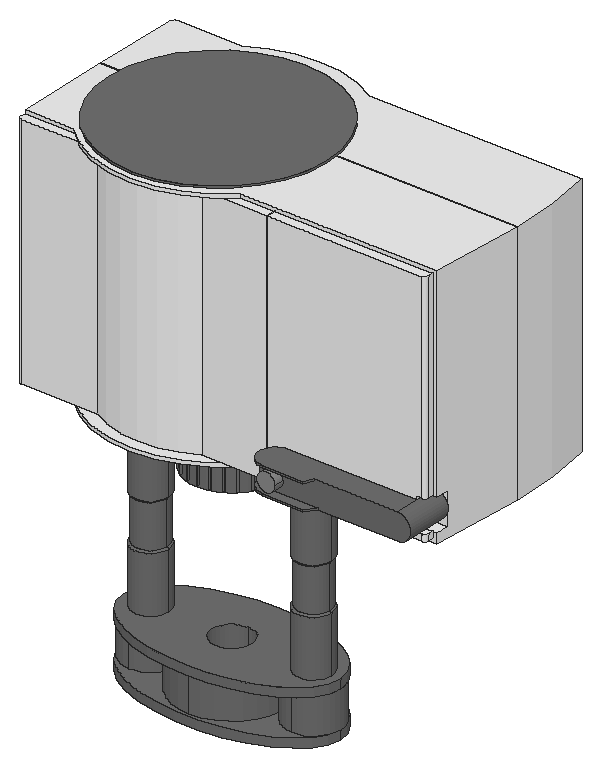
Revit family "E_Actuator_F_MEPcontent_Oventrop_Aktor M ST 2P 3P L Square Law", category Electrical Fixtures, host Face, Revit 2015
Parameters (values of type "8030")
  Watermarked By = "www.stabiplan.com"
  Width = 135.5 mm
  Wholesaler Art. No. = ""
  Wholesaler = ""
  White = Color RGB 245-245-245
  Storage Temperature = "-10 °C up to +55 °C"  # constant formula
  Protection = "IP 66 according to EN 60529"
  Power Consumption = "10 W"
  Power [instance] = 0 VA
  URL = "www.stabiplan.com"
  Stabu Code = ""
  Revit Version = "2015"  # constant formula
  Product Line = "Oventrop"
  Voltage = 24 V
  Operating Power = "2500 N"
  Number Of Spring Returns = ""
  Model = "8030"
  Max. Piston Stroke = "40 mm"  # constant formula
  Max. Fluid Temperature = "120 °C"
  Manufacturer URL = "http://www.oventrop.com//en/products/hbtd/db_1158010_en.pdf"
  Manufacturer Art. No. = "1158030"
  Manufacturer = "Oventrop"  # constant formula
  MEPcontent Class = "ACTUATOR"  # constant formula
  IFCExportType = "ELECTRICACTUATOR"  # constant formula
  IFCExportAs = "IfcActuatorType"  # constant formula
  Floating Time = "2 / 4 / 6 s / mm"  # constant formula
  Drive = "0–10 V or 4–20 mA"  # constant formula
  Black = Color RGB 060-060-060
  Length = 230.0 mm
  Internal Art. No. = ""
  Height = 289.0 mm
  Grey = Color RGB 100-100-100
  GTIN = "4026755370805"
  Function Code [instance] = ""
  Family Version = "10.14"  # constant formula
  ETIM Article Class = "EC011290"
  EMCS Version = "2.0"  # constant formula
  Description = "Electromotive actuator \"Aktor M\" \"ST/2P/3P L\", 24 V, with adapter"
  Default Elevation = 1219.2 mm
  Custom = no
  Copyright = "© Stabiplan International BV"  # constant formula
  Content Supplier URL = "www.mepcontent.eu"
  CB-NL Class = ""
  Article Type = "8030"
  Article Description = "Electromotive actuator \"Aktor M\" \"ST/2P/3P L\", 24 V, with adapter"
  Ambient Temperature = "-10 °C up to +55 °C"  # constant formula
Types (3, lengths in mm): name | Power Consumption | Operating Power | Number Of Spring Returns | Model | Max. Fluid Temperature | Manufacturer Art. No. | GTIN | Description | Article Type | Article Description
  8030 | "10 W" | "2500 N" | "" | "8030" | "120 °C" | "1158030" | "4026755370805" | "Electromotive actuator \"Aktor M\" \"ST/2P/3P L\", 24 V, with adapter" | "8030" | "Electromotive actuator \"Aktor M\" \"ST/2P/3P L\", 24 V, with adapter"
  8031 | "7.5 W" | "2000 N" | "> 4000" | "8031" | "max. 120 °C" | "1158031" | "4026755370812" | "Electromotive actuator \"Aktor M\" \"ST/2P/3P L\", 24 V, opening with current off" | "8031" | "Electromotive actuator \"Aktor M\" \"ST/2P/3P L\", 24 V, opening with current off"
  8032 | "7.5 W" | "2000 N" | "> 4000" | "8032" | "max. 120 °C" | "1158032" | "4026755399202" | "Electromotive actuator \"Aktor M\" \"ST/2P/3P L\", 24 V, closing with current off" | "8032" | "Electromotive actuator \"Aktor M\" \"ST/2P/3P L\", 24 V, closing with current off"
Reference planes
  plane 1 "Center (Front/Back)": y = 0
  plane 2: z = 0
  plane 3 "Center (Left/Right)": x = 0
  plane 4: y = 60
  plane 5: y = -52
  plane 6: x = -72.5
  plane 7: x = 157.5
  plane 8: z = 84.57
  plane 9: z = 220.57
  plane 10: z = -68.43
  plane 11: x = -45
  plane 12: x = 45
  plane 13: z = -38.43
  plane 14: z = -63.43
  plane 15: z = -43.43
  plane 16: y = -23.504
  plane 17: x = 65
  plane 18: y = -7.414
  plane 19: y = -7.4
  plane 20: y = -75.5
  plane 21: z = 219.57
  plane 22: y = -7.4
  plane 23: y = -57
  plane 24: z = 217.57
  plane 25: z = 101.57
  plane 26: y = -7.4
  plane 27: y = -7.4
  plane 28: y = -7.4
  plane 29: x = 158.875
  plane 30: z = 106.31
  plane 31: z = 91.57
  plane 32: z = 92.57
  plane 33: x = 158.875
  plane 34: z = 105.31
  plane 35: y = -65.392
  plane 36: x = 77.4
  plane 37: x = 147.859
  plane 38: z = 98.94
  plane 39: y = -68.56
  plane 40: z = 64.729
  plane 41: z = 45.729
  plane 42: z = 46.729
  plane 43: z = 65.729
  plane 44: x = -71.5
  plane 45: y = -45
  plane 46: z = 86.57
  plane 47: z = -53.43
Forms (mm)
  Extrusion 1, solid, material "Color RGB 245-245-245" <- "White", detail levels fine
    sketch origin (0, 1200, -53.43) x (0, 1, 0) y (-1, 0, 0)
      loop
        arc (-1150, 69.5) -> (-1150.879, 71.621) -> (-1153, 72.5) r 3
        line (-1153, 72.5) -> (-1200, 72.5) -> (-1200, -157.5)
        arc (-1200, -157.5) -> (-1174.841, -156.979) -> (-1150, -152.962) r 180.379
        line (-1150, -152.962) -> (-1150, -35.331)
        arc (-1150, -35.331) -> (-1140, 0) -> (-1150, 35.331) r 67.414
        line (-1150, 35.331) -> (-1150, 69.5)
    from 138 to 273
  Extrusion 2, solid, material "Color RGB 245-245-245" <- "White", detail levels fine
    sketch origin (0, 1200, -53.43) x (0, 1, 0) y (-1, 0, 0)
      loop
        line (-1200, 72.5) -> (-1252, 72.5) -> (-1252, 45.636) -> (-1252, -154.364)
        arc (-1252, -154.364) -> (-1226.065, -157.009) -> (-1200, -157.5) r 315.007
        line (-1200, -157.5) -> (-1200, 72.5)
    from 138 to 273
  Revolve 3, solid, material "Color RGB 060-060-060" <- "Black", detail levels fine
    sketch origin (0, 0, 0) x (1, 0, 0) y (0, 0, 1)
      loop
        line (-45, 84.57) -> (-57.9, 84.57) -> (-57.9, 78.12) -> (-55, 78.12) -> (-55, 18.122) -> (-53.982, 17.104) -> (-53.982, -6.63) -> (-55, -7.649) -> (-55, -38.43) -> (-45, -38.43) -> (-45, 84.57)
      axis (-45, 84.57) -> (-45, -38.43)
    angle from 0 to 360
  Extrusion 4, solid, material "Color RGB 060-060-060" <- "Black", detail levels fine
    sketch origin (0, 1200, -53.43) x (0, 1, 0) y (-1, 0, 0)
      loop
        spline (-1200, -60) -> (-1191.718, -57.956) -> (-1184, -51.962) -> (-1177.373, -42.426) -> (-1172.287, -30) -> (-1169.09, -15.529) -> (-1168, 0) -> (-1169.09, 15.529) -> (-1172.287, 30) -> (-1177.373, 42.426) -> (-1184, 51.962) -> (-1191.718, 57.956) -> (-1200, 60)
        spline (-1200, 60) -> (-1208.282, 57.956) -> (-1216, 51.962) -> (-1222.627, 42.426) -> (-1227.713, 30) -> (-1230.91, 15.529) -> (-1232, 0) -> (-1230.91, -15.529) -> (-1227.713, -30) -> (-1222.627, -42.426) -> (-1216, -51.962) -> (-1208.282, -57.956) -> (-1200, -60)
    from -10 to -15
  Extrusion 5, solid, material "Color RGB 060-060-060" <- "Black", detail levels fine
    sketch origin (0, 1200, -53.43) x (0, 1, 0) y (-1, 0, 0)
      loop
        spline (-1200, -60) -> (-1191.718, -57.956) -> (-1184, -51.962) -> (-1177.373, -42.426) -> (-1172.287, -30) -> (-1169.09, -15.529) -> (-1168, 0) -> (-1169.09, 15.529) -> (-1172.287, 30) -> (-1177.373, 42.426) -> (-1184, 51.962) -> (-1191.718, 57.956) -> (-1200, 60)
        spline (-1200, 60) -> (-1208.282, 57.956) -> (-1216, 51.962) -> (-1222.627, 42.426) -> (-1227.713, 30) -> (-1230.91, 15.529) -> (-1232, 0) -> (-1230.91, -15.529) -> (-1227.713, -30) -> (-1222.627, -42.426) -> (-1216, -51.962) -> (-1208.282, -57.956) -> (-1200, -60)
    from 15 to 10
  Extrusion 6, solid, material "Color RGB 060-060-060" <- "Black", detail levels fine
    sketch origin (0, 1200, -53.43) x (0, 1, 0) y (-1, 0, 0)
      loop
        circle (-1200, 45) r 15
    from -10 to 10
  Revolve 7, solid, material "Color RGB 060-060-060" <- "Black", detail levels fine
    sketch origin (0, 0, 0) x (-1, 0, 0) y (0, 0, 1)
      loop
        line (-45, 84.57) -> (-57.9, 84.57) -> (-57.9, 75.62) -> (-55, 75.62) -> (-55, 18.122) -> (-53.982, 17.104) -> (-53.982, -6.63) -> (-55, -7.649) -> (-55, -38.43) -> (-45, -38.43) -> (-45, 84.57)
      axis (-45, 84.57) -> (-45, -38.43)
    angle from 0 to 360
  Extrusion 8, solid, material "Color RGB 060-060-060" <- "Black", detail levels fine
    sketch origin (0, 1200, -53.43) x (0, 1, 0) y (-1, 0, 0)
      loop
        circle (-1200, -45) r 15
    from -10 to 10
  Extrusion 9, solid, material "Color RGB 060-060-060" <- "Black", detail levels fine
    sketch origin (0, 1200, -53.43) x (0, 1, 0) y (-1, 0, 0)
      loop
        circle (-1200, 0) r 30
    from -10 to 10
  Extrusion 10, void, detail levels fine
    sketch origin (0, 1200, -53.43) x (0, 1, 0) y (-1, 0, 0)
      loop
        circle (-1200, 0) r 18
    from -15 to 0
  Extrusion 11, solid, material "Color RGB 060-060-060" <- "Black", detail levels fine
    sketch origin (-1.668, 1200, -67.43) x (0, 1, 0) y (-1, 0, 0)
      loop
        circle (-1207.4, 0) r 60
    from 288 to 287
  Extrusion 12, solid, material "Color RGB 245-245-245" <- "White", detail levels fine
    sketch origin (0, 1200, -53.43) x (0, 1, 0) y (-1, 0, 0)
      loop
        line (-1252, 72.5) -> (-1255, 72.5)
        arc (-1255, 72.5) -> (-1256.414, 71.914) -> (-1257, 70.5) r 2
        line (-1257, 70.5) -> (-1257, -65) -> (-1252, -65) -> (-1252, 72.5)
    from 140 to 271
  Extrusion 13, solid, material "Color RGB 245-245-245" <- "White", detail levels fine
    sketch origin (0, 1200, -53.43) x (0, 1, 0) y (-1, 0, 0)
      loop
        arc (-1252, 45.639) -> (-1271.213, 0) -> (-1252, -45.639) r 63.813
        line (-1252, -45.639) -> (-1252, 45.639)
    from 271 to 273
  Extrusion 14, solid, material "Color RGB 245-245-245" <- "White", detail levels fine
    sketch origin (0, 1200, -186.43) x (0, 1, 0) y (-1, 0, 0)
      loop
        arc (-1252, 45.639) -> (-1271.213, 0) -> (-1252, -45.639) r 63.813
        line (-1252, -45.639) -> (-1252, 45.639)
    from 271 to 273
  Extrusion 15, solid, material "Color RGB 245-245-245" <- "White", detail levels fine
    sketch origin (0, 1200, -53.43) x (0, 1, 0) y (-1, 0, 0)
      loop
        line (-1257, -29.031) -> (-1257, 29.031)
        arc (-1257, 29.031) -> (-1264.872, 0) -> (-1257, -29.031) r 57.472
    from 140 to 271
  Extrusion 16, solid, material "Color RGB 245-245-245" <- "White", detail levels fine
    sketch origin (0, 1200, -53.43) x (0, 1, 0) y (-1, 0, 0)
      loop
        line (-1252, -65) -> (-1257, -65) -> (-1257, -150.5)
        arc (-1257, -150.5) -> (-1256.414, -151.914) -> (-1255, -152.5) r 2
        line (-1255, -152.5) -> (-1252, -152.5) -> (-1252, -65)
    from 140 to 271
  Extrusion 17, solid, material "Color RGB 060-060-060" <- "Black", detail levels fine
    sketch origin (5.625, 1200, -53.43) x (0, 1, 0) y (-1, 0, 0)
      loop
        line (-1275.5, -71.75) -> (-1275.5, -94.023) -> (-1270.5, -97.941) -> (-1257, -97.941) -> (-1257, -71.75)
        arc (-1257, -71.75) -> (-1266.25, -62.5) -> (-1275.5, -71.75) r 9.25
    from 145 to 146
  Extrusion 18, solid, material "Color RGB 060-060-060" <- "Black", detail levels fine
    sketch origin (5.625, 1200, -30.46) x (0, 1, 0) y (-1, 0, 0)
      loop
        line (-1275.5, -71.75) -> (-1275.5, -94.023) -> (-1265.392, -97.941) -> (-1257, -97.941) -> (-1257, -71.75)
        arc (-1257, -71.75) -> (-1266.25, -62.5) -> (-1275.5, -71.75) r 9.25
    from 135.77 to 136.77
  Extrusion 19, solid, material "Color RGB 060-060-060" <- "Black", detail levels fine
    sketch origin (0, 0, -15) x (1, 0, 0) y (0, 0, 1)
      loop
        arc (79.089, 121.31) -> (71.719, 113.94) -> (79.089, 106.57) r 7.37
        line (79.089, 106.57) -> (147.859, 106.57)
        arc (147.859, 106.57) -> (155.229, 113.94) -> (147.859, 121.31) r 7.37
        line (147.859, 121.31) -> (79.089, 121.31)
    from 44.939 to 70.56
  Extrusion 20, void, detail levels fine
    sketch origin (0, 0, 0) x (1, 0, 0) y (0, 0, 1)
      loop
        line (147.5, 107.81) -> (147.5, 90.07) -> (157.5, 90.07) -> (157.5, 107.81) -> (147.5, 107.81)
    from 44.939 to 57
  Extrusion 21, solid, material "Color RGB 100-100-100" <- "Grey", detail levels fine
    sketch origin (0, 0, 0) x (1, 0, 0) y (0, 0, 1)
      loop
        circle (79.217, 98.94) r 5
    from 65.392 to 75.5
  Revolve 22, solid, material "Color RGB 060-060-060" <- "Black", detail levels fine
    sketch origin (0, 0, 0) x (1, 0, 0) y (0, 0, 1)
      loop
        line (0, 78.12) -> (-12.945, 78.12) -> (-12.945, 74.815) -> (-27.945, 74.815)
        arc (-27.945, 74.815) -> (-28.441, 74.319) -> (-27.945, 73.823) r 0.496
        line (-27.945, 73.823) -> (-15.275, 73.823) -> (-20.372, 65.729) -> (-23.551, 65.729) -> (-23.551, 45.729) -> (0, 45.729) -> (0, 78.12)
      axis (0, 78.12) -> (0, 45.729)
    angle from 0 to 360
  Extrusion 23, solid, material "Color RGB 060-060-060" <- "Black", detail levels fine
    sketch origin (0, 1200, -53.43) x (0, 1, 0) y (-1, 0, 0)
      loop
        line (-1175.882, 0.418) -> (-1177.541, 0.418) -> (-1177.541, -0.418) -> (-1175.882, -0.418) -> (-1175.882, 0.418)
    from 100.159 to 118.159
  Extrusion 24, solid, material "Color RGB 060-060-060" <- "Black", detail levels fine
    sketch origin (310.583, 1159.111, -53.43) x (0.258819, 0.965926, 0) y (-0.965926, 0.258819, 0)
      loop
        line (-1175.882, 0.418) -> (-1177.541, 0.418) -> (-1177.541, -0.418) -> (-1175.882, -0.418) -> (-1175.882, 0.418)
    from 100.159 to 118.159
  Extrusion 25, solid, material "Color RGB 060-060-060" <- "Black", detail levels fine
    sketch origin (-310.583, 1159.111, -53.43) x (-0.258819, 0.965926, 0) y (-0.965926, -0.258819, 0)
      loop
        line (-1175.882, 0.418) -> (-1177.541, 0.418) -> (-1177.541, -0.418) -> (-1175.882, -0.418) -> (-1175.882, 0.418)
    from 100.159 to 118.159
  Extrusion 26, solid, material "Color RGB 060-060-060" <- "Black", detail levels fine
    sketch origin (-600, 1039.23, -53.43) x (-0.5, 0.866025, 0) y (-0.866025, -0.5, 0)
      loop
        line (-1175.882, 0.418) -> (-1177.541, 0.418) -> (-1177.541, -0.418) -> (-1175.882, -0.418) -> (-1175.882, 0.418)
    from 100.159 to 118.159
  Extrusion 27, solid, material "Color RGB 060-060-060" <- "Black", detail levels fine
    sketch origin (-848.528, 848.528, -53.43) x (-0.707107, 0.707107, 0) y (-0.707107, -0.707107, 0)
      loop
        line (-1175.882, 0.418) -> (-1177.541, 0.418) -> (-1177.541, -0.418) -> (-1175.882, -0.418) -> (-1175.882, 0.418)
    from 100.159 to 118.159
  Extrusion 28, solid, material "Color RGB 060-060-060" <- "Black", detail levels fine
    sketch origin (-1039.23, 600, -53.43) x (-0.866025, 0.5, 0) y (-0.5, -0.866025, 0)
      loop
        line (-1175.882, 0.418) -> (-1177.541, 0.418) -> (-1177.541, -0.418) -> (-1175.882, -0.418) -> (-1175.882, 0.418)
    from 100.159 to 118.159
  Extrusion 29, solid, material "Color RGB 060-060-060" <- "Black", detail levels fine
    sketch origin (-1159.111, 310.583, -53.43) x (-0.965926, 0.258819, 0) y (-0.258819, -0.965926, 0)
      loop
        line (-1175.882, 0.418) -> (-1177.541, 0.418) -> (-1177.541, -0.418) -> (-1175.882, -0.418) -> (-1175.882, 0.418)
    from 100.159 to 118.159
  Extrusion 30, solid, material "Color RGB 060-060-060" <- "Black", detail levels fine
    sketch origin (-1200, 0, -53.43) x (-1, 0, 0) y (0, -1, 0)
      loop
        line (-1175.882, 0.418) -> (-1177.541, 0.418) -> (-1177.541, -0.418) -> (-1175.882, -0.418) -> (-1175.882, 0.418)
    from 100.159 to 118.159
  Extrusion 31, solid, material "Color RGB 060-060-060" <- "Black", detail levels fine
    sketch origin (-1159.111, -310.583, -53.43) x (-0.965926, -0.258819, 0) y (0.258819, -0.965926, 0)
      loop
        line (-1175.882, 0.418) -> (-1177.541, 0.418) -> (-1177.541, -0.418) -> (-1175.882, -0.418) -> (-1175.882, 0.418)
    from 100.159 to 118.159
  Extrusion 32, solid, material "Color RGB 060-060-060" <- "Black", detail levels fine
    sketch origin (-1039.23, -600, -53.43) x (-0.866025, -0.5, 0) y (0.5, -0.866025, 0)
      loop
        line (-1175.882, 0.418) -> (-1177.541, 0.418) -> (-1177.541, -0.418) -> (-1175.882, -0.418) -> (-1175.882, 0.418)
    from 100.159 to 118.159
  Extrusion 33, solid, material "Color RGB 060-060-060" <- "Black", detail levels fine
    sketch origin (-848.528, -848.528, -53.43) x (-0.707107, -0.707107, 0) y (0.707107, -0.707107, 0)
      loop
        line (-1175.882, 0.418) -> (-1177.541, 0.418) -> (-1177.541, -0.418) -> (-1175.882, -0.418) -> (-1175.882, 0.418)
    from 100.159 to 118.159
  Extrusion 34, solid, material "Color RGB 060-060-060" <- "Black", detail levels fine
    sketch origin (-600, -1039.23, -53.43) x (-0.5, -0.866025, 0) y (0.866025, -0.5, 0)
      loop
        line (-1175.882, 0.418) -> (-1177.541, 0.418) -> (-1177.541, -0.418) -> (-1175.882, -0.418) -> (-1175.882, 0.418)
    from 100.159 to 118.159
  Extrusion 35, solid, material "Color RGB 060-060-060" <- "Black", detail levels fine
    sketch origin (-310.583, -1159.111, -53.43) x (-0.258819, -0.965926, 0) y (0.965926, -0.258819, 0)
      loop
        line (-1175.882, 0.418) -> (-1177.541, 0.418) -> (-1177.541, -0.418) -> (-1175.882, -0.418) -> (-1175.882, 0.418)
    from 100.159 to 118.159
  Extrusion 36, solid, material "Color RGB 060-060-060" <- "Black", detail levels fine
    sketch origin (0, -1200, -53.43) x (0, -1, 0) y (1, 0, 0)
      loop
        line (-1175.882, 0.418) -> (-1177.541, 0.418) -> (-1177.541, -0.418) -> (-1175.882, -0.418) -> (-1175.882, 0.418)
    from 100.159 to 118.159
  Extrusion 37, solid, material "Color RGB 060-060-060" <- "Black", detail levels fine
    sketch origin (310.583, -1159.111, -53.43) x (0.258819, -0.965926, 0) y (0.965926, 0.258819, 0)
      loop
        line (-1175.882, 0.418) -> (-1177.541, 0.418) -> (-1177.541, -0.418) -> (-1175.882, -0.418) -> (-1175.882, 0.418)
    from 100.159 to 118.159
  Extrusion 38, solid, material "Color RGB 060-060-060" <- "Black", detail levels fine
    sketch origin (600, -1039.23, -53.43) x (0.5, -0.866025, 0) y (0.866025, 0.5, 0)
      loop
        line (-1175.882, 0.418) -> (-1177.541, 0.418) -> (-1177.541, -0.418) -> (-1175.882, -0.418) -> (-1175.882, 0.418)
    from 100.159 to 118.159
  Extrusion 39, solid, material "Color RGB 060-060-060" <- "Black", detail levels fine
    sketch origin (848.528, -848.528, -53.43) x (0.707107, -0.707107, 0) y (0.707107, 0.707107, 0)
      loop
        line (-1175.882, 0.418) -> (-1177.541, 0.418) -> (-1177.541, -0.418) -> (-1175.882, -0.418) -> (-1175.882, 0.418)
    from 100.159 to 118.159
  Extrusion 40, solid, material "Color RGB 060-060-060" <- "Black", detail levels fine
    sketch origin (1039.23, -600, -53.43) x (0.866025, -0.5, 0) y (0.5, 0.866025, 0)
      loop
        line (-1175.882, 0.418) -> (-1177.541, 0.418) -> (-1177.541, -0.418) -> (-1175.882, -0.418) -> (-1175.882, 0.418)
    from 100.159 to 118.159
  Extrusion 41, solid, material "Color RGB 060-060-060" <- "Black", detail levels fine
    sketch origin (1159.111, -310.583, -53.43) x (0.965926, -0.258819, 0) y (0.258819, 0.965926, 0)
      loop
        line (-1175.882, 0.418) -> (-1177.541, 0.418) -> (-1177.541, -0.418) -> (-1175.882, -0.418) -> (-1175.882, 0.418)
    from 100.159 to 118.159
  Extrusion 42, solid, material "Color RGB 060-060-060" <- "Black", detail levels fine
    sketch origin (1200, 0, -53.43) x (1, 0, 0) y (0, 1, 0)
      loop
        line (-1175.882, 0.418) -> (-1177.541, 0.418) -> (-1177.541, -0.418) -> (-1175.882, -0.418) -> (-1175.882, 0.418)
    from 100.159 to 118.159
  Extrusion 43, solid, material "Color RGB 060-060-060" <- "Black", detail levels fine
    sketch origin (1159.111, 310.583, -53.43) x (0.965926, 0.258819, 0) y (-0.258819, 0.965926, 0)
      loop
        line (-1175.882, 0.418) -> (-1177.541, 0.418) -> (-1177.541, -0.418) -> (-1175.882, -0.418) -> (-1175.882, 0.418)
    from 100.159 to 118.159
  Extrusion 44, solid, material "Color RGB 060-060-060" <- "Black", detail levels fine
    sketch origin (1039.23, 600, -53.43) x (0.866025, 0.5, 0) y (-0.5, 0.866025, 0)
      loop
        line (-1175.882, 0.418) -> (-1177.541, 0.418) -> (-1177.541, -0.418) -> (-1175.882, -0.418) -> (-1175.882, 0.418)
    from 100.159 to 118.159
  Extrusion 45, solid, material "Color RGB 060-060-060" <- "Black", detail levels fine
    sketch origin (848.528, 848.528, -53.43) x (0.707107, 0.707107, 0) y (-0.707107, 0.707107, 0)
      loop
        line (-1175.882, 0.418) -> (-1177.541, 0.418) -> (-1177.541, -0.418) -> (-1175.882, -0.418) -> (-1175.882, 0.418)
    from 100.159 to 118.159
  Extrusion 46, solid, material "Color RGB 060-060-060" <- "Black", detail levels fine
    sketch origin (600, 1039.23, -53.43) x (0.5, 0.866025, 0) y (-0.866025, 0.5, 0)
      loop
        line (-1175.882, 0.418) -> (-1177.541, 0.418) -> (-1177.541, -0.418) -> (-1175.882, -0.418) -> (-1175.882, 0.418)
    from 100.159 to 118.159
  Extrusion 47, void, detail levels fine
    sketch origin (0, 0, 0) x (0, 1, 0) y (0, 0, 1)
      loop
        circle (-45, 188.57) r 10
      loop
        circle (-45, 159.57) r 10
      loop
        circle (-45, 130.57) r 10
    from -72.5 to -71.5
  Extrusion 48, solid, material "Color RGB 060-060-060" <- "Black", detail levels fine
    sketch origin (0, 1200, -53.43) x (0, 1, 0) y (-1, 0, 0)
      loop
        arc (-1182.386, 45) -> (-1200, 62.614) -> (-1217.614, 45) r 17.614
        line (-1217.614, 45) -> (-1217.614, -45)
        arc (-1217.614, -45) -> (-1200, -62.614) -> (-1182.386, -45) r 17.614
        line (-1182.386, -45) -> (-1182.386, 45)
    from 131.55 to 138
  Extrusion 49, void
    sketch origin (0, 1200, -53.43) x (0, 1, 0) y (-1, 0, 0)
      loop
        circle (-1200, 0) r 11
    from 0 to 15
Cuts and joins
  Extrusion 10, Extrusion 49 cuts Revolve 3
  Extrusion 10, Extrusion 49 cuts Extrusion 4
  Extrusion 10, Extrusion 49 cuts Extrusion 5
  Extrusion 49 cuts Revolve 7
  Extrusion 10, Extrusion 49 cuts Extrusion 9
  Extrusion 49 cuts Extrusion 48
  joined: Revolve 3, Extrusion 4, Extrusion 5, Revolve 7, Extrusion 9, Extrusion 48
  Extrusion 10, Extrusion 20, Extrusion 49 cuts Extrusion 1
  Extrusion 10, Extrusion 20, Extrusion 47, Extrusion 49 cuts Extrusion 2
  Extrusion 47, Extrusion 49 cuts Extrusion 13
  Extrusion 47, Extrusion 49 cuts Extrusion 14
  joined: Extrusion 2, Extrusion 13, Extrusion 14
  Extrusion 47 cuts Extrusion 12
  Extrusion 47 cuts Extrusion 15
  joined: Extrusion 12, Extrusion 15
  Extrusion 20 cuts Extrusion 17
  Extrusion 20 cuts Extrusion 18
  joined: Extrusion 17, Extrusion 18, Extrusion 19
  Extrusion 20, Extrusion 47 cuts Extrusion 16
  Extrusion 49 cuts Revolve 22
Dimensions and locks
  "Length": plane 6 to plane 7
  plane 2 to plane 10 = 68.43 mm
  "Height": plane 9 to plane 10
  locked: plane 9 to plane 8 at 136
  equal spacing: plane 12, plane 3 "Center (Left/Right)", plane 11
  locked: plane 12 to plane 11 at 90
  locked: plane 4 to plane 1 "Center (Front/Back)" at 60
  locked: plane 11 to Revolve 3 sketch curve at 10
  locked: plane 11 to Revolve 3 sketch curve at 12.9
  locked: plane 14 to plane 10 at 5
  locked: plane 13 to plane 10 at 30
  locked: plane 13 to plane 15 at 5
  locked: plane 12 to plane 17 at 20
  locked: plane 9 to plane 21 at 1
  locked: plane 5 to plane 23 at 5
  plane 21 to plane 24 = 2.0 mm
  locked: plane 25 to plane 8 at 17
  locked: plane 31 to plane 8 at 7
  locked: plane 32 to plane 31 at 1
  locked: plane 30 to plane 34 at 1
  locked: plane 35 to plane 23 at 8.392
  locked: plane 17 to plane 36 at 12.4
  locked: Extrusion 20 sketch curve to plane 30 at 1.5
  locked: plane 31 to Extrusion 20 sketch curve at 1.5
  locked: cut or joined group of Extrusion 2, Extrusion 10, Extrusion 13, Extrusion 14, Extrusion 20, Extrusion 47, Extrusion 49 to plane 5 at 7.061
  equal spacing: plane 30, plane 38, plane 31
  locked: plane 35 to plane 39 at 3.168
  locked: plane 42 to plane 41 at 1
  locked: plane 43 to plane 41 at 20
  locked: Revolve 22 to plane 40 at 1
  equal spacing: plane 24, Extrusion 47 sketch curve, Extrusion 47 sketch curve, Extrusion 47 sketch curve, plane 25
  locked: plane 44 to plane 6 at 1
  plane 45 to plane 5 = 7.0 mm
  equal spacing: Extrusion 48 sketch curve, plane 1 "Center (Front/Back)", Extrusion 48 sketch curve
  locked: plane 46 to plane 8 at 2
  plane 47 to plane 10 = 15.0 mm
  plane 23 to plane 1 "Center (Front/Back)" = 57.0 mm
  locked: Extrusion 5 sketch curve to Extrusion 5 sketch curve at 32
  locked: Extrusion 4 sketch curve to Extrusion 4 sketch curve at 32  (x2)
  radius of Extrusion 1 sketch curve = 67.414 mm
  aligned and locked: plane 2 to host face
  aligned and locked: level to host face
  aligned and locked: plane 6 to Extrusion 1 sketch curve
  aligned and locked: Extrusion 1 sketch curve to plane 1 "Center (Front/Back)"
  aligned and locked: Extrusion 1 to plane 8
  aligned and locked: Extrusion 2 to plane 8
  aligned and locked: Revolve 3 sketch curve to plane 11  (x2)
  aligned and locked: plane 15 to Extrusion 5
  aligned and locked: plane 13 to Extrusion 5
  aligned and locked: plane 13 to Revolve 3 sketch curve
  aligned and locked: plane 15 to Extrusion 6
  aligned and locked: Extrusion 6 to plane 14
  aligned and locked: plane 15 to Extrusion 9
  aligned and locked: Extrusion 9 to plane 14
  aligned and locked: Extrusion 10 to plane 10
  aligned and locked: Extrusion 1 sketch curve to Extrusion 1 sketch curve
  aligned and locked: plane 3 "Center (Left/Right)" to Extrusion 1 sketch curve
  aligned and locked: plane 21 to Extrusion 2
  aligned and locked: Extrusion 12 sketch curve to plane 5
  aligned and locked: Extrusion 12 sketch curve to plane 23
  aligned and locked: Extrusion 12 sketch curve to plane 17
  aligned and locked: plane 6 to Extrusion 12 sketch curve
  aligned and locked: plane 24 to Extrusion 12
  aligned and locked: Extrusion 13 to Extrusion 12
  aligned and locked: plane 23 to Extrusion 15 sketch curve
  aligned and locked: Extrusion 16 sketch curve to cut or joined group of Extrusion 12, Extrusion 15, Extrusion 47
  aligned and locked: Extrusion 16 sketch curve to plane 23
  aligned and locked: plane 23 to Extrusion 17 sketch curve
  aligned and locked: Extrusion 17 to plane 31
  aligned and locked: plane 32 to Extrusion 17
  aligned and locked: plane 30 to Extrusion 18
  aligned and locked: Extrusion 18 to plane 34
  aligned and locked: plane 35 to Extrusion 18 sketch curve
  aligned and locked: Extrusion 18 sketch curve to Extrusion 17
  aligned and locked: Extrusion 20 sketch curve to plane 7
  aligned and locked: cut or joined group of Extrusion 2, Extrusion 10, Extrusion 13, Extrusion 14, Extrusion 20, Extrusion 47, Extrusion 49 to Extrusion 19
  aligned and locked: plane 23 to Extrusion 20
  aligned and locked: plane 38 to Extrusion 21 sketch curve
  aligned and locked: plane 35 to Extrusion 21
  aligned and locked: Revolve 22 sketch curve to plane 3 "Center (Left/Right)"
  aligned and locked: Revolve 22 sketch curve to plane 41
  aligned and locked: plane 43 to Revolve 22 sketch curve
  aligned and locked: plane 40 to Extrusion 23
  aligned and locked: Extrusion 23 to plane 42
  aligned and locked: Extrusion 47 to plane 6
  aligned and locked: plane 44 to Extrusion 47
  aligned and locked: plane 45 to Extrusion 47 sketch curve  (x3)
  aligned and locked: plane 12 to Extrusion 48 sketch curve  (x2)
  aligned and locked: plane 8 to Extrusion 48
  aligned and locked: Extrusion 48 to cut or joined group 1 (Revolve 3, Extrusion 4, Extrusion 5, Revolve 7, Extrusion 9, Extrusion 10, Extrusion 48, Extrusion 49)
  aligned and locked: plane 14 to Extrusion 4
  aligned and locked: Extrusion 8 to plane 14
  aligned and locked: plane 15 to Extrusion 8
  aligned and locked: plane 30 to cut or joined group of Extrusion 17, Extrusion 18, Extrusion 19, Extrusion 20
  aligned and locked: Extrusion 11 to cut or joined group of Extrusion 2, Extrusion 10, Extrusion 13, Extrusion 14, Extrusion 20, Extrusion 47, Extrusion 49
  aligned and locked: Extrusion 16 to cut or joined group of Extrusion 2, Extrusion 10, Extrusion 13, Extrusion 14, Extrusion 20, Extrusion 47, Extrusion 49
  aligned and locked: Extrusion 1 to cut or joined group of Extrusion 2, Extrusion 10, Extrusion 13, Extrusion 14, Extrusion 20, Extrusion 47, Extrusion 49
  aligned and locked: Extrusion 2 to Extrusion 13
  aligned and locked: plane 9 to Extrusion 11
  aligned and locked: Extrusion 15 to cut or joined group of Extrusion 2, Extrusion 10, Extrusion 13, Extrusion 14, Extrusion 20, Extrusion 47, Extrusion 49
  aligned and locked: cut or joined group of Extrusion 2, Extrusion 10, Extrusion 13, Extrusion 14, Extrusion 20, Extrusion 47, Extrusion 49 to plane 8
  aligned and locked: cut or joined group of Extrusion 2, Extrusion 10, Extrusion 13, Extrusion 14, Extrusion 20, Extrusion 47, Extrusion 49 to plane 46
  aligned and locked: cut or joined group of Extrusion 12, Extrusion 15, Extrusion 47 to plane 46  (x2)
  aligned and locked: cut or joined group of Extrusion 2, Extrusion 10, Extrusion 13, Extrusion 14, Extrusion 20, Extrusion 47, Extrusion 49 to Extrusion 16
  aligned and locked: Revolve 22 sketch curve to cut or joined group 1
  aligned and locked: plane 47 to Extrusion 10
  aligned and locked: Extrusion 49 to Revolve 3
  aligned and locked: Extrusion 49 to Extrusion 10
  aligned and locked: Extrusion 21 to plane 20
  aligned and locked: plane 1 "Center (Front/Back)" to Extrusion 5 sketch curve
  aligned and locked: plane 3 "Center (Left/Right)" to Extrusion 5 sketch curve
  aligned and locked: plane 1 "Center (Front/Back)" to Extrusion 4 sketch curve
  aligned and locked: plane 3 "Center (Left/Right)" to Extrusion 4 sketch curve
Automatic sketch dimensions
  host sketch curve to host sketch curve = 2438.4 mm  (x2)
  plane 18 to Extrusion 1 sketch curve = 0.0 mm
  Extrusion 1 sketch curve to plane 7 = 0.0 mm
  Extrusion 1 sketch curve to plane 1 "Center (Front/Back)" = 8.856 mm
  plane 6 to Extrusion 1 sketch curve = 3.0 mm
  Extrusion 1 sketch curve to plane 1 "Center (Front/Back)" = 47.0 mm
  Extrusion 1 sketch curve to Extrusion 1 sketch curve = 4.538 mm
  Extrusion 2 sketch curve to plane 5 = 0.0 mm
  plane 1 "Center (Front/Back)" to Extrusion 2 sketch curve = 0.0 mm
  Extrusion 2 sketch curve to plane 7 = 0.0 mm
  Extrusion 2 sketch curve to plane 6 = 0.0 mm
  plane 19 to Extrusion 2 sketch curve = 0.295 mm
  Extrusion 2 sketch curve to Extrusion 2 sketch curve = 3.136 mm
  Extrusion 2 sketch curve to plane 11 = 0.636 mm
  Revolve 3 sketch curve to plane 8 = 0.0 mm
  Revolve 3 sketch curve to Revolve 3 sketch curve = 2.9 mm
  Revolve 3 sketch curve to Revolve 3 sketch curve = 1.018 mm  (x3)
  Revolve 3 sketch curve to level = 7.649 mm
  level to Revolve 3 sketch curve = 17.104 mm
  Revolve 3 sketch curve to plane 8 = 6.45 mm
  Revolve 3 sketch curve to plane 10 = 57.791 mm
  Revolve 3 sketch curve to plane 24 = 31.257 mm
  Extrusion 4 sketch curve to plane 17 = 5.0 mm
  Extrusion 5 sketch curve to plane 17 = 5.0 mm
  plane 1 "Center (Front/Back)" to Extrusion 6 sketch curve = 0.0 mm
  Extrusion 6 sketch curve to plane 11 = 0.0 mm
  Revolve 7 sketch curve to plane 8 = 0.0 mm
  Revolve 7 sketch curve to plane 13 = 0.0 mm
  Revolve 7 sketch curve to plane 12 = 0.0 mm  (x2)
  Revolve 7 sketch curve to plane 12 = 8.982 mm
  Revolve 7 sketch curve to Revolve 7 sketch curve = 10.0 mm
  Revolve 7 sketch curve to Revolve 7 sketch curve = 1.018 mm  (x3)
  Revolve 7 sketch curve to Revolve 7 sketch curve = 2.9 mm
  level to Revolve 7 sketch curve = 7.649 mm
  Revolve 7 sketch curve to level = 17.104 mm
  plane 8 to Revolve 7 sketch curve = 8.95 mm
  plane 10 to Revolve 7 sketch curve = 57.791 mm
  plane 24 to Revolve 7 sketch curve = 31.257 mm
  plane 1 "Center (Front/Back)" to Extrusion 8 sketch curve = 0.0 mm
  Extrusion 8 sketch curve to plane 12 = 0.0 mm
  plane 1 "Center (Front/Back)" to Extrusion 9 sketch curve = 0.0 mm
  Extrusion 9 sketch curve to plane 3 "Center (Left/Right)" = 0.0 mm
  plane 1 "Center (Front/Back)" to Extrusion 10 sketch curve = 0.0 mm
  Extrusion 10 sketch curve to plane 3 "Center (Left/Right)" = 0.0 mm
  Extrusion 11 sketch curve to plane 3 "Center (Left/Right)" = 1.668 mm
  Extrusion 11 sketch curve to plane 22 = 0.0 mm
  Extrusion 12 sketch curve to Extrusion 12 sketch curve = 2.0 mm
  Extrusion 13 sketch curve to plane 3 "Center (Left/Right)" = 0.0 mm
  Extrusion 13 sketch curve to plane 26 = 0.0 mm
  plane 12 to Extrusion 13 sketch curve = 0.639 mm
  Extrusion 14 sketch curve to plane 5 = 0.0 mm
  Extrusion 14 sketch curve to plane 3 "Center (Left/Right)" = 0.0 mm
  Extrusion 14 sketch curve to plane 27 = 0.0 mm
  plane 12 to Extrusion 14 sketch curve = 0.639 mm
  Extrusion 15 sketch curve to plane 3 "Center (Left/Right)" = 0.0 mm
  Extrusion 15 sketch curve to plane 28 = 0.0 mm
  Extrusion 15 sketch curve to plane 12 = 15.969 mm
  Extrusion 16 sketch curve to plane 5 = 0.0 mm
  Extrusion 16 sketch curve to Extrusion 16 sketch curve = 2.0 mm
  Extrusion 16 sketch curve to plane 7 = 7.0 mm
  Extrusion 17 sketch curve to plane 20 = 0.0 mm
  plane 20 to Extrusion 17 sketch curve = 5.0 mm
  plane 17 to Extrusion 17 sketch curve = 38.566 mm
  Extrusion 17 sketch curve to Extrusion 17 sketch curve = 3.918 mm
  plane 17 to Extrusion 17 sketch curve = 12.375 mm
  Extrusion 18 sketch curve to plane 20 = 0.0 mm
  plane 23 to Extrusion 18 sketch curve = 0.0 mm
  Extrusion 18 sketch curve to plane 36 = 0.025 mm
  Extrusion 18 sketch curve to Extrusion 18 sketch curve = 3.918 mm
  Extrusion 20 sketch curve to Extrusion 20 sketch curve = 10.0 mm
  Extrusion 13 sketch curve to plane 5 = 0.0 mm
  Extrusion 19 sketch curve to plane 37 = 0.0 mm
  plane 36 to Extrusion 19 sketch curve = 1.689 mm
  plane 36 to Extrusion 21 sketch curve = 1.817 mm
  Extrusion 37 sketch curve to Extrusion 37 sketch curve = 1.659 mm
  Extrusion 37 sketch curve to Extrusion 37 sketch curve = 0.837 mm
  Extrusion 23 sketch curve to Extrusion 23 sketch curve = 1.659 mm
  Extrusion 23 sketch curve to Extrusion 23 sketch curve = 0.837 mm
  Extrusion 24 sketch curve to Extrusion 24 sketch curve = 1.659 mm
  Extrusion 24 sketch curve to Extrusion 24 sketch curve = 0.837 mm
  Extrusion 25 sketch curve to Extrusion 25 sketch curve = 1.659 mm
  Extrusion 25 sketch curve to Extrusion 25 sketch curve = 0.837 mm
  Extrusion 26 sketch curve to Extrusion 26 sketch curve = 1.659 mm
  Extrusion 26 sketch curve to Extrusion 26 sketch curve = 0.837 mm
  Extrusion 27 sketch curve to Extrusion 27 sketch curve = 1.659 mm
  Extrusion 27 sketch curve to Extrusion 27 sketch curve = 0.837 mm
  Extrusion 28 sketch curve to Extrusion 28 sketch curve = 1.659 mm
  Extrusion 28 sketch curve to Extrusion 28 sketch curve = 0.837 mm
  Extrusion 29 sketch curve to Extrusion 29 sketch curve = 1.659 mm
  Extrusion 29 sketch curve to Extrusion 29 sketch curve = 0.837 mm
  Extrusion 30 sketch curve to Extrusion 30 sketch curve = 1.659 mm
  Extrusion 30 sketch curve to Extrusion 30 sketch curve = 0.837 mm
  Extrusion 31 sketch curve to Extrusion 31 sketch curve = 1.659 mm
  Extrusion 31 sketch curve to Extrusion 31 sketch curve = 0.837 mm
  Extrusion 32 sketch curve to Extrusion 32 sketch curve = 1.659 mm
  Extrusion 32 sketch curve to Extrusion 32 sketch curve = 0.837 mm
  Extrusion 33 sketch curve to Extrusion 33 sketch curve = 1.659 mm
  Extrusion 33 sketch curve to Extrusion 33 sketch curve = 0.837 mm
  Extrusion 34 sketch curve to Extrusion 34 sketch curve = 1.659 mm
  Extrusion 34 sketch curve to Extrusion 34 sketch curve = 0.837 mm
  Extrusion 35 sketch curve to Extrusion 35 sketch curve = 1.659 mm
  Extrusion 35 sketch curve to Extrusion 35 sketch curve = 0.837 mm
  Extrusion 36 sketch curve to Extrusion 36 sketch curve = 1.659 mm
  Extrusion 36 sketch curve to Extrusion 36 sketch curve = 0.837 mm
  Extrusion 38 sketch curve to Extrusion 38 sketch curve = 1.659 mm
  Extrusion 38 sketch curve to Extrusion 38 sketch curve = 0.837 mm
  Extrusion 39 sketch curve to Extrusion 39 sketch curve = 1.659 mm
  Extrusion 39 sketch curve to Extrusion 39 sketch curve = 0.837 mm
  Extrusion 40 sketch curve to Extrusion 40 sketch curve = 1.659 mm
  Extrusion 40 sketch curve to Extrusion 40 sketch curve = 0.837 mm
  Extrusion 41 sketch curve to Extrusion 41 sketch curve = 1.659 mm
  Extrusion 41 sketch curve to Extrusion 41 sketch curve = 0.837 mm
  Extrusion 42 sketch curve to Extrusion 42 sketch curve = 1.659 mm
  Extrusion 42 sketch curve to Extrusion 42 sketch curve = 0.837 mm
  Extrusion 43 sketch curve to Extrusion 43 sketch curve = 1.659 mm
  Extrusion 43 sketch curve to Extrusion 43 sketch curve = 0.837 mm
  Extrusion 44 sketch curve to Extrusion 44 sketch curve = 1.659 mm
  Extrusion 44 sketch curve to Extrusion 44 sketch curve = 0.837 mm
  Extrusion 45 sketch curve to Extrusion 45 sketch curve = 1.659 mm
  Extrusion 45 sketch curve to Extrusion 45 sketch curve = 0.837 mm
  Extrusion 46 sketch curve to Extrusion 46 sketch curve = 1.659 mm
  Extrusion 46 sketch curve to Extrusion 46 sketch curve = 0.837 mm
  Extrusion 48 sketch curve to plane 11 = 0.0 mm
  Extrusion 48 sketch curve to plane 16 = 5.891 mm
  Extrusion 19 sketch curve to Extrusion 19 sketch curve = 7.37 mm
  Extrusion 19 sketch curve to plane 25 = 10.0 mm
  Revolve 22 sketch curve to plane 3 "Center (Left/Right)" = 0.0 mm
  Revolve 22 sketch curve to plane 3 "Center (Left/Right)" = 12.945 mm
  Revolve 22 sketch curve to Revolve 22 sketch curve = 2.331 mm
  Revolve 22 sketch curve to Revolve 22 sketch curve = 5.096 mm
  Revolve 22 sketch curve to Revolve 22 sketch curve = 3.18 mm
  Revolve 22 sketch curve to Revolve 22 sketch curve = 4.393 mm
  Revolve 22 sketch curve to Revolve 22 sketch curve = 0.496 mm
  Revolve 22 sketch curve to plane 10 = 541.17 mm
  plane 9 to Revolve 22 sketch curve = 2388.488 mm
  Revolve 22 sketch curve to Revolve 22 sketch curve = 3.305 mm
  plane 1 "Center (Front/Back)" to Extrusion 49 sketch curve = 0.0 mm
  Extrusion 49 sketch curve to plane 3 "Center (Left/Right)" = 0.0 mm
  radius of Extrusion 6 sketch curve = 15.0 mm
  radius of Extrusion 8 sketch curve = 15.0 mm
  radius of Extrusion 9 sketch curve = 30.0 mm
  radius of Extrusion 10 sketch curve = 18.0 mm
  radius of Extrusion 11 sketch curve = 60.0 mm
  radius of Extrusion 21 sketch curve = 5.0 mm
  radius of Extrusion 47 sketch curve = 10.0 mm  (x3)
  radius of Extrusion 49 sketch curve = 11.0 mm
Connectors
  electrical at (-71.5, -46.333, 188.57), driven by "Voltage", driven by "Power"
    settings: on cut or joined group of Extrusion 2, Extrusion 10, Extrusion 13, Extrusion 14, Extrusion 20, Extrusion 47, Extrusion 49, index 1, voltage 24 V, apparent load 0 VA, apparent load phase1 0 VA, apparent load phase2 0 VA, apparent load phase3 0 VA, power factor 1, load classification "Other", number of poles 1, system type 30, power factor state 1, is connector primary yes, connector utility no, sub classification motor no, connector description "Power - Balanced"
